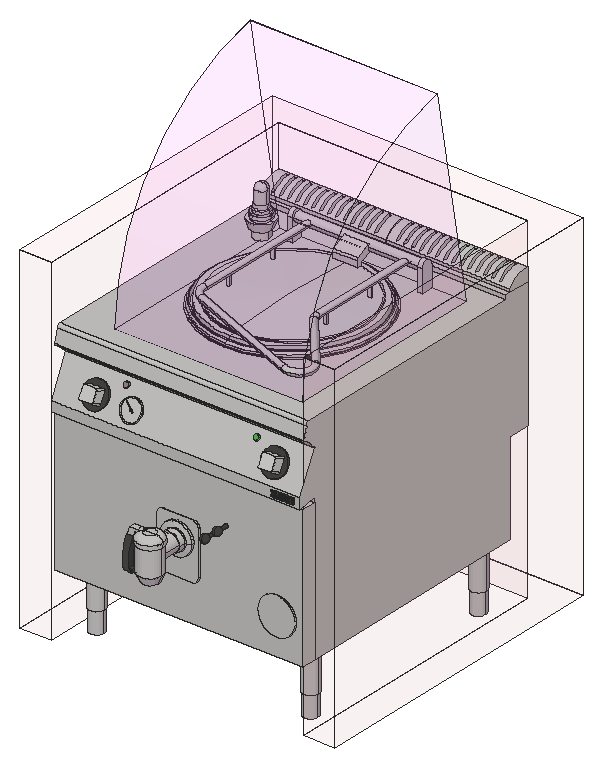
Revit family "QF_ZANUSSI_392232_Z9BSGHINF0", category Attrezzature speciali, Revit 2020
Family settings
  Quota connettore circolare = Usa diametro
  Tipo di parte = Normale
  Basato su piano di lavoro = No
  Sempre verticale = Sì
  Taglio con vuoti quando caricato = No
  Condiviso = Sì
  Punto di calcolo locali = No
Parameters (values of type "Standard")
  Weight = 253.532 lbm
  Watts = 100 W
  Volts = 230 V
  URL Manufacturer = "http://www.zanussiprofessional.com"
  URL = "http://www.zanussiprofessional.com"
  Steam Supply Size = 0"
  Steam Supply Minimum Pressure = 0.00 psi
  Steam Supply Maximum Pressure = 0.00 psi
  Steam Consumption per Hour = 0
  Show Logo [instance] = yes
  Show Clearance [instance] = yes
  Refrigeration Suction Line Size = 0 mm
  Refrigeration Liquid Line Size = 0 mm
  Refrigerant Compressor Remote = yes
  Prospetto di default = 0 mm
  Produttore = "Zanussi"
  Phase = 1
  Modello = "Z9BSGHINF0"
  Length Actual = 800 mm  # constant formula
  Item Number = "392232"
  Hot Water Size = 3/4"
  Height Actual = 850 mm  # constant formula
  HP = "0.1 HP"
  Gas Size = 1/2"
  Gas KW = 14
  Gas Input Pressure = 0.462818 Btu/h
  Direct Waste Size = 5 1/2"
  Descrizione = "60LT GAS BOILING PAN-INDIRECT HEATING"
  Depth Actual = 900 mm  # constant formula
  Cycle = 50 Hz
  Condensate Return Size = 0"
  Compressed Air Volume = 0 GPM
  Compressed Air Size = 0"
  Compressed Air Pressure = 0.00 psi
  Cold Water Size = 3/4"
  Accessory = yes
Reference planes
  plane 1 "BACK": y = 0
  plane 2: z = 0
  plane 3 "LEFT": x = 0
  plane 4 "RIGHT": x = 800
  plane 5 "FRONT": y = -900
  plane 6: z = 850
  plane 7: z = 150
  plane 8: x = -100
  plane 9: x = 900
  plane 10: y = 100
  plane 11: z = 449
  plane 12 "Top": z = 850
  plane 13: y = -450
  plane 14: x = 400
  plane 15: z = 310
  plane 16: y = -117.559
  plane 17: x = 183.51
  plane 18: x = 47
Forms (mm)
  Extrusion 1, solid, material "QF_Finishes_Clearance", visible <- "Show Clearance"
    sketch origin (0, -80, 0) x (1, 0, 0) y (0, 1, 0)
      loop
        line (-100, -834.125) -> (0, -834.125) -> (0, 80) -> (800, 80) -> (800, -820) -> (900, -820) -> (900, 180) -> (-100, 180) -> (-100, -834.125)
    from 0 to 1090.3
  Revolve 2, solid, material "QF_Finishes_Door Clearance", visible <- "Show Clearance"
    sketch origin (-19.419, 38.825, 900) x (1, 0, 0) y (0, 1, 0)
      loop
        line (147.896, -195.826) -> (147.896, -856.602) -> (749.926, -856.602) -> (749.926, -195.826) -> (147.896, -195.826)
      axis (749.926, -195.826) -> (147.896, -195.826)
    angle from 0 to -80
  Extrusion 3, solid, material "QF_Finishes_Stainless Steel"
    sketch origin (355, -2.168, -55.704) x (1, 0, 0) y (0, 0, 1)
      loop
        circle (362.513, 374.704) r 60
    from 899.69 to 902.89
  Extrusion 4, solid, material "QF_Finishes_Stainless Steel"
    sketch origin (-65, -2.168, -31) x (1, 0, 0) y (0, 0, 1)
      loop
        circle (362.513, 374.704) r 30
    from 899.69 to 902.89
  Extrusion 5, solid, material "QF_Finishes_Stainless Steel"
    sketch origin (0, 0, 50) x (0, 1, 0) y (0, 0, 1)
      loop
        line (-0.075, 449) -> (-0.075, 865) -> (-85.075, 865) -> (-85.075, 850) -> (-878.015, 850)
        arc (-878.015, 850) -> (-885.658, 846.834) -> (-888.823, 839.192) r 10.808
        line (-888.823, 839.192) -> (-900, 800.214)
        arc (-900, 800.214) -> (-899.512, 797.582) -> (-897.116, 796.387) r 3
        line (-897.116, 796.387) -> (-891.013, 796.387) -> (-855.438, 760.812) -> (-914.125, 642.637) -> (-914.125, 608.614) -> (-857.08, 616.631)
        arc (-857.08, 616.631) -> (-854.536, 615.878) -> (-853.435, 613.462) r 3.2
        line (-853.435, 613.462) -> (-853.427, 150) -> (-70.075, 150) -> (-70.075, 449) -> (-0.075, 449)
      loop
        line (-901.858, 602.071) -> (-901.858, 150) -> (-856.602, 150) -> (-856.602, 602.071) -> (-901.858, 602.071)
    from 0 to 800
  Extrusion 6, solid, material "QF_Finishes_Stainless Steel"
    sketch origin (-1055.159, 112.389, 194.383) x (1, 0, 0) y (0, 1, 0)
      loop
        circle (1102.159, -772.464) r 10
    from -9.383 to 5.617
  Extrusion 7, solid, material "QF_Finishes_Stainless Steel"
    sketch origin (-1055.159, 26.389, 194.383) x (1, 0, 0) y (0, 1, 0)
      loop
        circle (1102.159, -757.464) r 10
    from -9.383 to 5.617
  Extrusion 8, solid, material "QF_Finishes_Stainless Steel"
    sketch origin (-356.159, 118.964, 194.383) x (1, 0, 0) y (0, 1, 0)
      loop
        circle (1102.159, -772.464) r 10
    from -9.383 to 5.617
  Extrusion 9, solid, material "QF_Finishes_Stainless Steel"
    sketch origin (-373.159, 36.964, 194.383) x (1, 0, 0) y (0, 1, 0)
      loop
        circle (1102.159, -757.464) r 10
    from -9.383 to 5.617
  Extrusion 10, solid, material "QF_Finishes_Stainless Steel"
    sketch origin (-602.159, 191.254, 194.383) x (1, 0, 0) y (0, 1, 0)
      loop
        circle (1102.159, -787.464) r 20
    from -9.383 to 5.617
Dimensions and locks
  plane 1 "BACK" to plane 5 "FRONT" = 900 mm
  plane 4 "RIGHT" to plane 3 "LEFT" = 800 mm
  plane 6 to level = 850 mm
  plane 3 "LEFT" to plane 4 "RIGHT" = 800 mm
  plane 5 "FRONT" to plane 1 "BACK" = 900 mm
  plane 8 to plane 3 "LEFT" = 100 mm
  plane 4 "RIGHT" to plane 9 = 100 mm
  plane 10 to plane 1 "BACK" = 100 mm
  equal spacing: plane 3 "LEFT", plane 14, plane 4 "RIGHT"
  equal spacing: plane 5 "FRONT", plane 13, plane 1 "BACK"
  plane 15 to level = 310 mm  (x2)
  aligned and locked: level to plane 2
  aligned and locked: Extrusion 1 to plane 4 "RIGHT"
  aligned and locked: plane 3 "LEFT" to Extrusion 1
  aligned and locked: plane 8 to Extrusion 1
  aligned and locked: plane 9 to Extrusion 1
  aligned and locked: plane 10 to Extrusion 1
  aligned and locked: plane 1 "BACK" to Extrusion 1
Automatic sketch dimensions
  Extrusion 1 sketch curve to plane 8 = 0 mm
  Extrusion 1 sketch curve to plane 3 "LEFT" = 0 mm
  plane 1 "BACK" to Extrusion 1 sketch curve = 0 mm
  Extrusion 1 sketch curve to plane 4 "RIGHT" = 0 mm
  plane 5 "FRONT" to Extrusion 1 sketch curve = 0 mm
  Extrusion 1 sketch curve to plane 9 = 0 mm
  Extrusion 1 sketch curve to plane 10 = 0 mm
  plane 5 "FRONT" to Extrusion 1 sketch curve = 14.125 mm
  plane 17 to Revolve 2 sketch curve = 55.033 mm
  Revolve 2 sketch curve to plane 4 "RIGHT" = 69.493 mm
  Revolve 2 sketch curve to plane 5 "FRONT" = 82.223 mm
  plane 16 to Revolve 2 sketch curve = 39.441 mm
  plane 8 to Revolve 2 sketch curve = 40.581 mm
  Revolve 2 sketch curve to Revolve 2 sketch curve = 22.104 mm
  Revolve 2 sketch curve to Revolve 2 sketch curve = 0 mm
  plane 15 to Extrusion 3 sketch curve = 9 mm
  Extrusion 3 sketch curve to plane 4 "RIGHT" = 82.487 mm
  plane 15 to Extrusion 4 sketch curve = 33.704 mm
  Extrusion 4 sketch curve to plane 14 = 102.487 mm
  Extrusion 5 sketch curve to plane 5 "FRONT" = 0 mm
  plane 5 "FRONT" to Extrusion 5 sketch curve = 1.858 mm
  Extrusion 5 sketch curve to Extrusion 5 sketch curve = 12.267 mm
  Extrusion 5 sketch curve to plane 5 "FRONT" = 2.884 mm
  Extrusion 5 sketch curve to Extrusion 5 sketch curve = 6.103 mm
  Extrusion 5 sketch curve to plane 5 "FRONT" = 11.177 mm
  Extrusion 5 sketch curve to Extrusion 5 sketch curve = 10.808 mm
  Extrusion 5 sketch curve to plane 5 "FRONT" = 42.92 mm
  Extrusion 5 sketch curve to Extrusion 5 sketch curve = 0.445 mm
  Extrusion 5 sketch curve to Extrusion 5 sketch curve = 0.033 mm
  Extrusion 5 sketch curve to plane 5 "FRONT" = 44.562 mm
  Extrusion 5 sketch curve to Extrusion 5 sketch curve = 3.175 mm
  Extrusion 5 sketch curve to plane 16 = 32.484 mm
  Extrusion 5 sketch curve to plane 16 = 47.484 mm
  plane 1 "BACK" to Extrusion 5 sketch curve = 0.075 mm
  plane 7 to Extrusion 5 sketch curve = 50 mm
  Extrusion 5 sketch curve to Extrusion 5 sketch curve = 0 mm  (x2)
  Extrusion 5 sketch curve to plane 11 = 50 mm
  Extrusion 5 sketch curve to plane 6 = 197.929 mm
  Extrusion 5 sketch curve to Extrusion 5 sketch curve = 6.544 mm
  Extrusion 5 sketch curve to Extrusion 5 sketch curve = 11.392 mm
  Extrusion 5 sketch curve to Extrusion 5 sketch curve = 3.169 mm
  Extrusion 5 sketch curve to Extrusion 5 sketch curve = 34.022 mm
  Extrusion 5 sketch curve to plane 6 = 39.188 mm
  Extrusion 5 sketch curve to plane 6 = 3.613 mm
  Extrusion 5 sketch curve to plane 6 = 0.613 mm
  plane 6 to Extrusion 5 sketch curve = 39.192 mm
  Extrusion 5 sketch curve to Extrusion 5 sketch curve = 15 mm
  Extrusion 6 sketch curve to plane 18 = 0 mm
  Extrusion 6 sketch curve to plane 13 = 210.075 mm
  Extrusion 7 sketch curve to plane 18 = 0 mm
  Extrusion 7 sketch curve to plane 5 "FRONT" = 168.925 mm
  Extrusion 8 sketch curve to plane 4 "RIGHT" = 54 mm
  Extrusion 8 sketch curve to plane 13 = 203.5 mm
  Extrusion 9 sketch curve to plane 4 "RIGHT" = 71 mm
  Extrusion 9 sketch curve to plane 5 "FRONT" = 179.5 mm
  plane 14 to Extrusion 10 sketch curve = 100 mm
  Extrusion 10 sketch curve to plane 13 = 146.21 mm
  radius of Extrusion 3 sketch curve = 60 mm
  radius of Extrusion 4 sketch curve = 30 mm
  radius of Extrusion 6 sketch curve = 10 mm
  radius of Extrusion 7 sketch curve = 10 mm
  radius of Extrusion 8 sketch curve = 10 mm
  radius of Extrusion 9 sketch curve = 10 mm
  radius of Extrusion 10 sketch curve = 20 mm
Nested families
  nested 1: "Valvola_Sicurezza_Pressione_VERSIONE LARGA" at (115, -213.22, 900) x (0, -1, 0) z (0, 0, 1), type "Valvola_Sicurezza_Pressione_VERSIONE LARGA"
  nested 2: "CHIUSURA_EBOLLITORE_MANIGLIA_2" at (400, -446.25, 900), type "CHIUSURA_EBOLLITORE_MANIGLIA_2"
  nested 3: "Uscita_Fumi" at (200, -35, 915), type "Uscita_Fumi"
  nested 4: "Uscita_Fumi" at (600, -35, 915) x (-1, 0, 0) z (0, 0, 1), type "Uscita_Fumi"
  nested 5: "SPIA_RED" at (205, -866.159, 789.225) x (0, -0.4448, -0.8956) z (0, -0.8956, 0.4448), type "SPIA_RED"
  nested 6: "SPIA_GREEN" at (625, -867.972, 785.573) x (0, -0.4448, -0.8956) z (0, -0.8956, 0.4448), type "SPIA_GREEN"
  nested 7: "CONTROLLER_XP-ZAN" at (175.078, -889.634, 741.953) x (1, 0, 0) z (0, -0.8956, 0.4448), type "CONTROLLER_XP-ZAN"
  nested 8: "CONTROLLER_XP-ZAN" at (748.986, -887.149, 746.957) x (1, 0, 0) z (0, -0.8956, 0.4448), type "CONTROLLER_XP-ZAN"
  nested 9: "TERMOMETRO_CIRCOLARE" at (240, -891.427, 738.342) x (0, -0.4448, -0.8956) z (0, -0.8956, 0.4448), type "TERMOMETRO_CIRCOLARE"
  nested 10: "ZANUSSI_Logo" at (748.892, -914.125, 724.625) x (1, 0, 0) z (0, -1, 0), Show Logo <- "Show Logo", visible <- "Show Logo", type "ZANUSSI_Logo"
    with Show Logo yes
  nested 11: "Pomello" at (514.04, -901.858, 485.551) x (0, 0, 1) z (0, -1, 0), type "Pomello"
  nested 12: "Pomello" at (554.04, -901.858, 520.551) x (0, 0, 1) z (0, -1, 0), type "Pomello"
  nested 13: "bocchettone_scarico_SX_ebollitori" at (400, -901.858, 411.296) x (1, 0, 0) z (0, -1, 0), type "bocchettone_scarico_SX_ebollitori"
    with Body Finish QF_Finishes_Stainless Steel
  nested 14: "Piedino 50xH200_par" at (56, -801, 0), type "Piedino 50xH200_par"
    with H 200 mm
  nested 15: "Piedino 50xH200_par" at (56, -127, 0), type "Piedino 50xH200_par"
    with H 200 mm
  nested 16: "Piedino 50xH200_par" at (744, -127, 0), type "Piedino 50xH200_par"
    with H 200 mm
  nested 17: "Piedino 50xH200_par" at (744, -801, 0), type "Piedino 50xH200_par"
    with H 200 mm
Connectors
  piping at (47, -660.075, 185), diameter 19.05, driven by "Hot Water Size"
    settings: on Extrusion 6, index 11, connector inside diameter 24", connector length 0 mm, flow factor 0, pipe flow 0 GPM, pressure drop 0.00 psi, fitting loss kfactor 0, connector angle 0.00°, fixture units 0, engagement length 0 mm, angle of deflection 0.00°, flow configuration 0, flow direction 0, fitting loss method 0, system type 29, joint type 0, gender type 0, connector reference index -1, connector utility 0, adjustable connector no, is connector primary yes, connector description "Hot Water Inlet"
  piping at (47, -731.075, 185), diameter 19.05, driven by "Cold Water Size"
    settings: on Extrusion 7, index 12, connector inside diameter 24", connector length 0 mm, flow factor 0, pipe flow 0 GPM, pressure drop 0.00 psi, fitting loss kfactor 0, connector angle 0.00°, fixture units 0, engagement length 0 mm, angle of deflection 0.00°, flow configuration 0, flow direction 0, fitting loss method 0, system type 29, joint type 0, gender type 0, connector reference index -1, connector utility 0, adjustable connector no, is connector primary no, connector description "Cold Water Inlet"
  piping at (746, -653.5, 185), diameter 12.7, driven by "Gas Size"
    settings: on Extrusion 8, index 13, connector inside diameter 24", connector length 0 mm, flow factor 0, pipe flow 0 GPM, pressure drop 0.00 psi, fitting loss kfactor 0, connector angle 0.00°, fixture units 0, engagement length 0 mm, angle of deflection 0.00°, flow configuration 0, flow direction 0, fitting loss method 0, system type 29, joint type 0, gender type 0, connector reference index -1, connector utility 0, adjustable connector no, is connector primary no, connector description "Gas Connection"
  electrical at (729, -720.5, 185), driven by "Volts"
    settings: on Extrusion 9, index 14, voltage 230 V, apparent load 0 VA, apparent load phase1 0 VA, apparent load phase2 0 VA, apparent load phase3 0 VA, power factor 1, load classification "Altro", number of poles 1, system type 30, power factor state 1, is connector primary yes, connector utility no, sub classification motor no, connector description "Electrical Connection"
  piping at (500, -596.21, 185), diameter 139.7, driven by "Direct Waste Size"
    settings: on Extrusion 10, index 15, connector inside diameter 24", connector length 0 mm, flow factor 0, pipe flow 0 GPM, pressure drop 0.00 psi, fitting loss kfactor 0, connector angle 0.00°, fixture units 0, engagement length 0 mm, angle of deflection 0.00°, flow configuration 0, flow direction 0, fitting loss method 0, system type 29, joint type 0, gender type 0, connector reference index -1, connector utility 0, adjustable connector no, is connector primary no, connector description "Drain"
Definition of nested family "Valvola_Sicurezza_Pressione_VERSIONE LARGA"
  Parameters (values of type "Valvola_Sicurezza_Pressione_VERSIONE LARGA")
    Default Elevation = 1219.2 mm
  Reference planes
    plane 1 "Centro (Fronte/Retro)": y = 0
    plane 2: z = 0
    plane 3 "Centro (Sinistra/Destra)": x = 0
  Forms (mm)
    Extrusion 1, solid
      sketch origin (0, 0, 0) x (1, 0, 0) y (0, 1, 0)
        loop
          line (-1219.2, 1219.2) -> (-1219.2, -1219.2) -> (1219.2, -1219.2) -> (1219.2, 1219.2) -> (-1219.2, 1219.2)
      from 0 to -304.8
    Revolve 2, solid
      sketch origin (0, 127, -850) x (0, 1, 0) y (0, 0, 1)
        loop
          line (-127, 850) -> (-127, 1005.049)
          arc (-127, 1005.049) -> (-139.857, 999.724) -> (-145.183, 986.867) r 18.183
          line (-145.183, 986.867) -> (-145.183, 946.198) -> (-147.515, 946.198) -> (-147.515, 935.501) -> (-152, 931.015) -> (-152, 924.56) -> (-157, 924.56) -> (-157, 919.56) -> (-160.008, 919.56) -> (-160.008, 911.432) -> (-157, 911.432) -> (-157, 902.923) -> (-168.345, 902.923) -> (-160.305, 877.208) -> (-152, 875.138) -> (-152, 850) -> (-127, 850)
        axis (-127, 850) -> (-127, 1005.049)
      angle from 0 to 360
  Dimensions and locks
    aligned and locked: plane 2 to Extrusion 1
    aligned and locked: level to Extrusion 1
Definition of nested family "CHIUSURA_EBOLLITORE_MANIGLIA_2"
  Parameters (values of type "CHIUSURA_EBOLLITORE_MANIGLIA_2")
    Default Elevation = 1219.2 mm
    Diametro = 500 mm
  Reference planes
    plane 1 "Centro (Fronte/Retro)": y = 0
    plane 2: z = 0
    plane 3 "Centro (Sinistra/Destra)": x = 0
    plane 4: x = -250
    plane 5: x = 250
  Forms (mm)
    Extrusion 1, solid
      sketch origin (0, 0, 0) x (1, 0, 0) y (0, 1, 0)
        loop
          line (-1219.2, 1219.2) -> (-1219.2, -1219.2) -> (1219.2, -1219.2) -> (1219.2, 1219.2) -> (-1219.2, 1219.2)
      from 0 to -304.8
    Sweep 2, solid
      path origin (-400, 374.738, -849.313) x (1, 0, 0) y (0, 1, 0)
        loop
          line (243.743, -103.594) -> (243.743, -534.5)
          arc (243.743, -534.5) -> (252.432, -562.667) -> (275.478, -581.045) r 50
          line (275.478, -581.045) -> (663.94, -733.483)
          arc (663.94, -733.483) -> (712.787, -719.077) -> (710.882, -668.185) r 41.493
          line (710.882, -668.185) -> (563.79, -492.888)
          arc (563.79, -492.888) -> (558.199, -483.203) -> (556.257, -472.19) r 32.201
          line (556.257, -472.19) -> (556.257, -103.594)
      profile origin (-156.257, 55.691, -849.313) x (1, 0, 0) y (0, 0, 1)
        loop
          circle (0, 918.759) r 9.525
    Revolve 3, solid
      sketch origin (0, 355.988, -849.313) x (0, 1, 0) y (0, 0, 1)
        loop
          line (-355.988, 849.313) -> (-355.988, 890.021)
          arc (-355.988, 890.021) -> (-471.018, 888.03) -> (-585.757, 879.616) r 2058.307
          line (-585.757, 879.616) -> (-588.534, 876.84) -> (-588.534, 873.469) -> (-606.616, 873.469) -> (-606.616, 853.437) -> (-614.697, 853.437) -> (-614.697, 867.549) -> (-617.996, 867.549) -> (-617.996, 865.745) -> (-622.909, 857.235) -> (-622.909, 851.51) -> (-627.909, 851.51) -> (-627.909, 849.313) -> (-355.988, 849.313)
        axis (-355.988, 849.313) -> (-355.988, 890.021)
      angle from 0 to 360
    Extrusion 4, solid
      sketch origin (-400, 374.738, -849.313) x (1, 0, 0) y (0, 1, 0)
        loop
          circle (556.179, -434.634) r 5
        loop
          circle (556.239, -256.89) r 5
        loop
          circle (243.739, -256.89) r 5
        loop
          circle (243.679, -434.634) r 5
      from 873.469 to 917.509
    Extrusion 5, solid
      sketch origin (-326.071, 375.449, -856.416) x (0, 1, 0) y (0, 0, 1)
        loop
          line (-86.2, 856.416) -> (-86.2, 927.861)
          arc (-86.2, 927.861) -> (-103.594, 945.255) -> (-120.988, 927.861) r 17.394
          line (-120.988, 927.861) -> (-120.988, 856.416) -> (-86.2, 856.416)
      from 527.978 to 542.561
    Extrusion 6, solid
      sketch origin (-400, 375.449, -857.666) x (0, 1, 0) y (0, 0, 1)
        loop
          circle (-103.594, 927.13) r 15
      from 198.093 to 601.907
    Extrusion 7, solid
      sketch origin (-400, 376.074, -857.666) x (0, 1, 0) y (0, 0, 1)
        loop
          line (-161.825, 881.823) -> (-147.722, 881.823) -> (-147.722, 896.159)
          arc (-147.722, 896.159) -> (-146.818, 899.027) -> (-144.432, 900.857) r 5
          line (-144.432, 900.857) -> (-110.128, 913.343)
          arc (-110.128, 913.343) -> (-118.811, 923.657) -> (-115.705, 936.776) r 15
          line (-115.705, 936.776) -> (-157.703, 913.496)
          arc (-157.703, 913.496) -> (-160.718, 910.56) -> (-161.825, 906.499) r 8
          line (-161.825, 906.499) -> (-161.825, 881.823)
      from 361.051 to 438.949
    Extrusion 8, solid
      sketch origin (326.071, 375.449, -856.416) x (0, 1, 0) y (0, 0, -1)
        loop
          line (-86.2, -856.416) -> (-120.988, -856.416) -> (-120.988, -927.861)
          arc (-120.988, -927.861) -> (-103.594, -945.255) -> (-86.2, -927.861) r 17.394
          line (-86.2, -927.861) -> (-86.2, -856.416)
      from 527.978 to 542.561
  Dimensions and locks
    equal spacing: plane 4, plane 3 "Centro (Sinistra/Destra)", plane 5, locked at 250 each
    "Diametro": plane 4 to plane 5
    aligned and locked: plane 2 to Extrusion 1
    aligned and locked: level to Extrusion 1
  Automatic sketch dimensions
    Extrusion 1 sketch curve to Extrusion 1 sketch curve = 2438.4 mm  (x2)
    Extrusion 5 sketch curve to level = 0 mm
    Extrusion 5 sketch curve to plane 1 "Centro (Fronte/Retro)" = 254.461 mm
    Extrusion 5 sketch curve to Extrusion 5 sketch curve = 17.394 mm
    level to Extrusion 5 sketch curve = 71.445 mm
    level to Extrusion 6 sketch curve = 69.464 mm
    Extrusion 6 sketch curve to plane 1 "Centro (Fronte/Retro)" = 271.855 mm
    level to Extrusion 7 sketch curve = 48.834 mm
    Extrusion 7 sketch curve to plane 1 "Centro (Fronte/Retro)" = 214.249 mm
    level to Extrusion 7 sketch curve = 55.831 mm
    Extrusion 7 sketch curve to Extrusion 7 sketch curve = 4.122 mm
    Extrusion 7 sketch curve to Extrusion 7 sketch curve = 14.103 mm
    level to Extrusion 7 sketch curve = 43.191 mm
    Extrusion 7 sketch curve to Extrusion 7 sketch curve = 3.29 mm
    Extrusion 7 sketch curve to Extrusion 7 sketch curve = 1.71 mm
    level to Extrusion 7 sketch curve = 79.111 mm
    Extrusion 7 sketch curve to Extrusion 7 sketch curve = 28.727 mm
    level to Extrusion 7 sketch curve = 55.677 mm
    Extrusion 7 sketch curve to Extrusion 7 sketch curve = 5.577 mm
    Extrusion 7 sketch curve to Extrusion 7 sketch curve = 5.91 mm
    Extrusion 7 sketch curve to Extrusion 7 sketch curve = 14.336 mm
    Extrusion 8 sketch curve to level = 0 mm
    Extrusion 8 sketch curve to plane 1 "Centro (Fronte/Retro)" = 254.461 mm
    Extrusion 8 sketch curve to Extrusion 8 sketch curve = 17.394 mm
    Extrusion 8 sketch curve to Extrusion 8 sketch curve = 71.445 mm
    profile plane to Sweep 2 sketch curve = 0 mm
    profile plane to Sweep 2 sketch curve = 918.759 mm
    Sweep 2 sketch curve to plane 3 "Centro (Sinistra/Destra)" = 124.522 mm
    Sweep 2 sketch curve to Sweep 2 sketch curve = 18.265 mm
    plane 5 to Sweep 2 sketch curve = 93.743 mm
    Sweep 2 sketch curve to Sweep 2 sketch curve = 7.534 mm
    Sweep 2 sketch curve to Sweep 2 sketch curve = 32.201 mm
    Sweep 2 sketch curve to plane 5 = 13.94 mm
    Sweep 2 sketch curve to plane 5 = 29.097 mm
    Sweep 2 sketch curve to Sweep 2 sketch curve = 31.786 mm
    plane 1 "Centro (Fronte/Retro)" to Sweep 2 sketch curve = 358.745 mm
    Sweep 2 sketch curve to Sweep 2 sketch curve = 38.626 mm
    plane 1 "Centro (Fronte/Retro)" to Sweep 2 sketch curve = 206.307 mm
    Sweep 2 sketch curve to Sweep 2 sketch curve = 46.545 mm
    plane 1 "Centro (Fronte/Retro)" to Sweep 2 sketch curve = 118.15 mm
    Sweep 2 sketch curve to plane 1 "Centro (Fronte/Retro)" = 271.144 mm  (x2)
    Extrusion 4 sketch curve to plane 4 = 93.679 mm
    Extrusion 4 sketch curve to plane 4 = 93.739 mm
    plane 5 to Extrusion 4 sketch curve = 93.821 mm
    plane 5 to Extrusion 4 sketch curve = 93.761 mm
    plane 1 "Centro (Fronte/Retro)" to Extrusion 4 sketch curve = 59.897 mm  (x2)
    Extrusion 4 sketch curve to plane 1 "Centro (Fronte/Retro)" = 117.848 mm  (x2)
    Revolve 3 sketch curve to level = 0 mm
    Revolve 3 sketch curve to plane 1 "Centro (Fronte/Retro)" = 0 mm  (x2)
    plane 1 "Centro (Fronte/Retro)" to Revolve 3 sketch curve = 21.921 mm
    level to Revolve 3 sketch curve = 30.304 mm
    plane 1 "Centro (Fronte/Retro)" to Revolve 3 sketch curve = 229.77 mm
    Revolve 3 sketch curve to Revolve 3 sketch curve = 2.777 mm
    Revolve 3 sketch curve to Revolve 3 sketch curve = 18.082 mm
    Revolve 3 sketch curve to Revolve 3 sketch curve = 8.082 mm
    Revolve 3 sketch curve to Revolve 3 sketch curve = 3.299 mm
    level to Revolve 3 sketch curve = 2.198 mm
    Revolve 3 sketch curve to Revolve 3 sketch curve = 8.212 mm
    Revolve 3 sketch curve to Revolve 3 sketch curve = 5 mm
    Revolve 3 sketch curve to level = 2017.482 mm
    level to Revolve 3 sketch curve = 4.125 mm
    Revolve 3 sketch curve to Revolve 3 sketch curve = 5.725 mm
    Revolve 3 sketch curve to Revolve 3 sketch curve = 8.509 mm
    Revolve 3 sketch curve to Revolve 3 sketch curve = 1.804 mm
    Revolve 3 sketch curve to Revolve 3 sketch curve = 5.921 mm
    Revolve 3 sketch curve to Revolve 3 sketch curve = 3.37 mm
    Revolve 3 sketch curve to Revolve 3 sketch curve = 0.117 mm
    Revolve 3 sketch curve to Revolve 3 sketch curve = 50 mm
    radius of Extrusion 6 sketch curve = 15 mm
    radius of Sweep 2 sketch curve = 9.525 mm
    radius of Extrusion 4 sketch curve = 5 mm  (x4)
Definition of nested family "Uscita_Fumi"
  Parameters (values of type "Uscita_Fumi")
    Default Elevation = 1219.2 mm
  Reference planes
    plane 1 "Centro (Fronte/Retro)": y = 0
    plane 2: z = 0
    plane 3 "Centro (Sinistra/Destra)": x = 0
  Forms (mm)
    Extrusion 1, solid
      sketch origin (0, 0, 0) x (1, 0, 0) y (0, 1, 0)
        loop
          line (-1219.2, 1219.2) -> (-1219.2, -1219.2) -> (1219.2, -1219.2) -> (1219.2, 1219.2) -> (-1219.2, 1219.2)
      from 0 to -304.8
    Extrusion 2, solid
      sketch origin (-200, 34.925, -289.638) x (0, 1, 0) y (0, 0, 1)
        loop
          line (0, 289.638) -> (0, 331.738)
          arc (0, 331.738) -> (-38.857, 324.552) -> (-69.85, 300.038) r 82.056
          line (-69.85, 300.038) -> (-69.85, 289.638) -> (0, 289.638)
      from 0 to 400
    Extrusion 3, void
      sketch origin (-200, 34.925, -15) x (0, -1, 0) y (1, 0, 0)
        loop
          line (6.761, 29.703) -> (63.911, 29.703) -> (63.911, 38.999) -> (6.761, 38.999) -> (6.761, 29.703)
        loop
          line (63.911, 64.487) -> (6.761, 64.487) -> (6.761, 55.191) -> (63.911, 55.191) -> (63.911, 64.487)
        loop
          line (63.911, 89.975) -> (6.761, 89.975) -> (6.761, 80.68) -> (63.911, 80.68) -> (63.911, 89.975)
        loop
          line (63.911, 115.464) -> (6.761, 115.464) -> (6.761, 106.168) -> (63.911, 106.168) -> (63.911, 115.464)
        loop
          line (63.911, 140.952) -> (6.761, 140.952) -> (6.761, 131.656) -> (63.911, 131.656) -> (63.911, 140.952)
        loop
          line (63.911, 166.44) -> (6.761, 166.44) -> (6.761, 157.145) -> (63.911, 157.145) -> (63.911, 166.44)
        loop
          line (63.911, 191.929) -> (6.761, 191.929) -> (6.761, 182.633) -> (63.911, 182.633) -> (63.911, 191.929)
        loop
          line (63.911, 217.417) -> (6.761, 217.417) -> (6.761, 208.121) -> (63.911, 208.121) -> (63.911, 217.417)
        loop
          line (63.911, 242.905) -> (6.761, 242.905) -> (6.761, 233.61) -> (63.911, 233.61) -> (63.911, 242.905)
        loop
          line (63.911, 268.394) -> (6.761, 268.394) -> (6.761, 259.098) -> (63.911, 259.098) -> (63.911, 268.394)
        loop
          line (63.911, 293.882) -> (6.761, 293.882) -> (6.761, 284.586) -> (63.911, 284.586) -> (63.911, 293.882)
        loop
          line (63.911, 319.37) -> (6.761, 319.37) -> (6.761, 310.075) -> (63.911, 310.075) -> (63.911, 319.37)
        loop
          line (63.911, 344.859) -> (6.761, 344.859) -> (6.761, 335.563) -> (63.911, 335.563) -> (63.911, 344.859)
        loop
          line (63.911, 370.347) -> (6.761, 370.347) -> (6.761, 361.051) -> (63.911, 361.051) -> (63.911, 370.347)
      from 25.4 to 63.5
  Cuts and joins
    Extrusion 3 cuts Extrusion 2
  Dimensions and locks
    aligned and locked: plane 2 to Extrusion 1
    aligned and locked: level to Extrusion 1
Definition of nested family "SPIA_RED"
  Parameters
    Default Elevation = 1219.2 mm
  Reference planes
    plane 1 "Centro (Fronte/Retro)": y = 0
    plane 2: z = 0
    plane 3 "Centro (Sinistra/Destra)": x = 0
  Forms (mm)
    Extrusion 1, solid
      sketch origin (0, 0, 0) x (1, 0, 0) y (0, 1, 0)
        loop
          line (-1219.2, 1219.2) -> (-1219.2, -1219.2) -> (1219.2, -1219.2) -> (1219.2, 1219.2) -> (-1219.2, 1219.2)
      from 0 to -304.8
    Extrusion 2, solid
      sketch origin (-367.513, 69.533, 3.175) x (-1, 0, 0) y (0, 1, 0)
        loop
          circle (-367.513, -69.533) r 8
      from 0 to 3.175
  Dimensions and locks
    aligned and locked: plane 2 to Extrusion 1
    aligned and locked: level to Extrusion 1
Definition of nested family "SPIA_GREEN"
  Parameters
    Default Elevation = 1219.2 mm
  Reference planes
    plane 1 "Centro (Fronte/Retro)": y = 0
    plane 2: z = 0
    plane 3 "Centro (Sinistra/Destra)": x = 0
  Forms (mm)
    Extrusion 1, solid
      sketch origin (0, 0, 0) x (1, 0, 0) y (0, 1, 0)
        loop
          line (-1219.2, 1219.2) -> (-1219.2, -1219.2) -> (1219.2, -1219.2) -> (1219.2, 1219.2) -> (-1219.2, 1219.2)
      from 0 to -304.8
    Extrusion 2, solid
      sketch origin (-367.513, 69.533, 3.175) x (-1, 0, 0) y (0, 1, 0)
        loop
          circle (-367.513, -69.533) r 8
      from 0 to 3.175
  Dimensions and locks
    aligned and locked: plane 2 to Extrusion 1
    aligned and locked: level to Extrusion 1
Definition of nested family "CONTROLLER_XP-ZAN"
  Parameters (values of type "CONTROLLER_XP-ZAN")
    Default Elevation = 0 mm
  Reference planes
    plane 1 "Centro (Fronte/Retro)": y = 0
    plane 2: z = 0
    plane 3 "Centro (Sinistra/Destra)": x = 0
    plane 4: x = -51.067
    plane 5: x = 51.067
    plane 6: x = 93.481
    plane 7: x = -93.481
  Forms (mm)
    Extrusion 1, solid
      sketch origin (0, 0, 0) x (1, 0, 0) y (0, 1, 0)
        loop
          line (-1219.2, 1219.2) -> (-1219.2, -1219.2) -> (1219.2, -1219.2) -> (1219.2, 1219.2) -> (-1219.2, 1219.2)
      from 0 to -304.8
    Extrusion 2, solid
      sketch origin (-46.381, -48.923, 0) x (1, 0, 0) y (0, 1, 0)
        loop
          circle (-4.687, 48.923) r 42.414
      from 0 to 3.175
    Blend 3, solid
      base sketch origin (-46.381, -48.923, 3.175) x (1, 0, 0) y (0, 1, 0)
        loop
          line (-23.687, 25.923) -> (14.313, 25.923)
          arc (14.313, 25.923) -> (17.142, 27.095) -> (18.313, 29.923) r 4
          line (18.313, 29.923) -> (18.313, 66.519)
          arc (18.313, 66.519) -> (17.342, 69.132) -> (14.901, 70.476) r 4
          arc (14.901, 70.476) -> (-4.687, 71.923) -> (-24.275, 70.476) r 133.25
          arc (-24.275, 70.476) -> (-26.716, 69.132) -> (-27.687, 66.519) r 4
          line (-27.687, 66.519) -> (-27.687, 29.923)
          arc (-27.687, 29.923) -> (-26.515, 27.095) -> (-23.687, 25.923) r 4
      top sketch origin (-46.381, -48.923, 3.175) x (1, 0, 0) y (0, 1, 0)
        loop
          line (-25.687, 66.519) -> (-25.687, 29.923)
          arc (-25.687, 29.923) -> (-25.101, 28.509) -> (-23.687, 27.923) r 2
          line (-23.687, 27.923) -> (14.313, 27.923)
          arc (14.313, 27.923) -> (15.727, 28.509) -> (16.313, 29.923) r 2
          line (16.313, 29.923) -> (16.313, 66.519)
          arc (16.313, 66.519) -> (15.828, 67.825) -> (14.607, 68.498) r 2
          arc (14.607, 68.498) -> (-4.687, 69.923) -> (-23.981, 68.498) r 131.25
          arc (-23.981, 68.498) -> (-25.201, 67.825) -> (-25.687, 66.519) r 2
      from 0 to 33
  Lines and regions (mm)
    Split face 1
      outline origin (-46.381, -48.923, 36.175) x (1, 0, 0) y (0, 1, 0)
        loop
          line (-6.687, 69.908) -> (-6.687, 62.923) -> (-2.687, 62.923) -> (-2.687, 69.908)
  Dimensions and locks
    aligned and locked: plane 2 to Extrusion 1
    aligned and locked: level to Extrusion 1
Definition of nested family "TERMOMETRO_CIRCOLARE"
  Parameters
    Default Elevation = 1219.2 mm
  Reference planes
    plane 1 "Centro (Fronte/Retro)": y = 0
    plane 2: z = 0
    plane 3 "Centro (Sinistra/Destra)": x = 0
  Forms (mm)
    Extrusion 1, solid
      sketch origin (0, 0, 0) x (1, 0, 0) y (0, 1, 0)
        loop
          line (-1219.2, 1219.2) -> (-1219.2, -1219.2) -> (1219.2, -1219.2) -> (1219.2, 1219.2) -> (-1219.2, 1219.2)
      from 0 to -304.8
    Extrusion 2, solid
      sketch origin (-217.932, 73.785, 0.006) x (0, -1, -0.000082) y (1, 0, 0)
        loop
          circle (73.793, 217.932) r 35
      from 0 to 3.2
    Extrusion 3, void
      sketch origin (-217.932, 73.784, 3.206) x (0, -1, -0.000082) y (1, 0, 0)
        loop
          circle (73.793, 217.932) r 33
      from 0 to -1.6
    Extrusion 4, solid
      sketch origin (0, 0, 0) x (1, 0, 0) y (0, 1, 0)
        loop
          arc (-0.549, -2.293) -> (1.747, -1.581) -> (2.216, 0.777) r 2.35
          line (2.216, 0.777) -> (6.22, 5.225) -> (4.666, 6.779) -> (0.602, 2.264)
          arc (0.602, 2.264) -> (-1.747, 1.565) -> (-2.197, -0.844) r 2.35
          line (-2.197, -0.844) -> (-18.808, -20.219)
          arc (-18.808, -20.219) -> (-18.779, -20.694) -> (-18.304, -20.679) r 0.341
          line (-18.304, -20.679) -> (-0.549, -2.293)
      from 1.599 to 2.364
  Cuts and joins
    Extrusion 3 cuts Extrusion 2
  Dimensions and locks
    aligned and locked: plane 2 to Extrusion 1
    aligned and locked: level to Extrusion 1
Definition of nested family "ZANUSSI_Logo"
  Parameters (values of type "ZANUSSI_Logo")
    Show Logo [instance] = yes
    Default Elevation = 1219.2 mm
  Reference planes
    plane 1 "Center (Front/Back)": y = -49
    plane 2: z = 0
    plane 3 "Center (Left/Right)": x = -9.92
  Forms (mm)
    Extrusion 1, solid
      sketch origin (0, 0, 0) x (1, 0, 0) y (0, 1, 0)
        loop
          line (-1219.2, 1219.2) -> (-1219.2, -1219.2) -> (1219.2, -1219.2) -> (1219.2, 1219.2) -> (-1219.2, 1219.2)
      from 0 to -304.8
    Extrusion 2, solid, visible <- "Show Logo"
      sketch origin (106.353, -215.165, -50) x (1, 0, 0) y (0, 1, 0)
        loop
          line (-137.419, 156.48) -> (-137.419, 160.444) -> (-143.365, 160.444) -> (-137.419, 172.566) -> (-137.419, 175.851) -> (-147.274, 175.851) -> (-147.274, 172.226) -> (-142.063, 172.339) -> (-147.728, 160.444) -> (-147.728, 156.48) -> (-137.419, 156.48)
        loop
          line (-131.729, 163.73) -> (-129.463, 163.73) -> (-130.596, 172.54) -> (-131.729, 163.73)
        loop
          line (-132.748, 156.48) -> (-132.182, 160.218) -> (-128.897, 160.218) -> (-128.33, 156.48) -> (-124.252, 156.48) -> (-127.877, 175.851) -> (-133.315, 175.851) -> (-136.826, 156.48) -> (-132.748, 156.48)
        loop
          line (-123.75, 175.851) -> (-123.75, 156.48) -> (-120.238, 156.48) -> (-120.238, 169.281) -> (-116.953, 156.48) -> (-112.648, 156.48) -> (-112.648, 175.851) -> (-116.273, 175.851) -> (-116.273, 163.503) -> (-119.558, 175.851) -> (-123.75, 175.851)
        loop
          arc (-111.742, 161.27) -> (-106.896, 156.448) -> (-101.433, 160.558) r 5.22
          line (-101.433, 160.558) -> (-101.433, 175.851) -> (-105.398, 175.851) -> (-105.398, 161.464)
          arc (-105.398, 161.464) -> (-106.44, 160.263) -> (-107.777, 161.124) r 1.214
          line (-107.777, 161.124) -> (-107.777, 175.851) -> (-111.742, 175.851) -> (-111.742, 161.27)
        loop
          line (-94.069, 169.734) -> (-90.331, 169.734) -> (-90.269, 171.495)
          arc (-90.269, 171.495) -> (-90.53, 173.458) -> (-91.761, 175.009) r 3.719
          arc (-91.761, 175.009) -> (-95.38, 176.189) -> (-98.998, 175.009) r 6.139
          arc (-98.998, 175.009) -> (-100.474, 172.145) -> (-100.291, 168.927) r 6.125
          arc (-100.291, 168.927) -> (-99.079, 167.149) -> (-97.591, 165.594) r 13.068
          line (-97.591, 165.594) -> (-95.921, 164.113)
          arc (-95.921, 164.113) -> (-94.934, 163.275) -> (-94.167, 162.233) r 5.571
          arc (-94.167, 162.233) -> (-94.357, 160.41) -> (-96.143, 160.003) r 1.573
          arc (-96.143, 160.003) -> (-96.681, 160.547) -> (-96.911, 161.277) r 1.631
          arc (-96.911, 161.277) -> (-96.929, 161.791) -> (-96.911, 162.305) r 7.441
          arc (-96.911, 162.305) -> (-96.895, 162.791) -> (-96.911, 163.277) r 7.03
          line (-96.911, 163.277) -> (-100.866, 163.277)
          arc (-100.866, 163.277) -> (-100.828, 160.504) -> (-99.735, 157.955) r 7.131
          arc (-99.735, 157.955) -> (-94.571, 156.484) -> (-90.221, 159.633) r 6.148
          arc (-90.221, 159.633) -> (-90.141, 162.884) -> (-91.536, 165.823) r 7.021
          line (-91.536, 165.823) -> (-95.882, 169.734)
          arc (-95.882, 169.734) -> (-96.47, 170.472) -> (-96.785, 171.362) r 2.858
          arc (-96.785, 171.362) -> (-95.666, 172.959) -> (-94.069, 171.84) r 1.379
          line (-94.069, 171.84) -> (-94.069, 169.734)
        loop
          line (-82.771, 169.734) -> (-79.033, 169.734) -> (-78.971, 171.495)
          arc (-78.971, 171.495) -> (-79.232, 173.458) -> (-80.463, 175.009) r 3.719
          arc (-80.463, 175.009) -> (-84.081, 176.189) -> (-87.7, 175.009) r 6.139
          arc (-87.7, 175.009) -> (-89.175, 172.145) -> (-88.993, 168.927) r 6.125
          arc (-88.993, 168.927) -> (-87.781, 167.149) -> (-86.293, 165.594) r 13.068
          line (-86.293, 165.594) -> (-84.623, 164.113)
          arc (-84.623, 164.113) -> (-83.636, 163.275) -> (-82.869, 162.233) r 5.571
          arc (-82.869, 162.233) -> (-83.059, 160.41) -> (-84.845, 160.003) r 1.573
          arc (-84.845, 160.003) -> (-85.383, 160.547) -> (-85.613, 161.277) r 1.631
          arc (-85.613, 161.277) -> (-85.631, 161.791) -> (-85.613, 162.305) r 7.441
          arc (-85.613, 162.305) -> (-85.596, 162.791) -> (-85.613, 163.277) r 7.03
          line (-85.613, 163.277) -> (-89.568, 163.277)
          arc (-89.568, 163.277) -> (-89.53, 160.504) -> (-88.437, 157.955) r 7.131
          arc (-88.437, 157.955) -> (-83.272, 156.484) -> (-78.922, 159.633) r 6.148
          arc (-78.922, 159.633) -> (-78.843, 162.884) -> (-80.238, 165.823) r 7.021
          line (-80.238, 165.823) -> (-84.584, 169.734)
          arc (-84.584, 169.734) -> (-85.171, 170.472) -> (-85.486, 171.362) r 2.858
          arc (-85.486, 171.362) -> (-84.368, 172.959) -> (-82.771, 171.84) r 1.379
          line (-82.771, 171.84) -> (-82.771, 169.734)
        loop
          line (-78.21, 175.851) -> (-78.21, 156.48) -> (-74.245, 156.48) -> (-74.245, 175.851) -> (-78.21, 175.851)
      from 50 to 51.6
  Dimensions and locks
    aligned and locked: plane 2 to Extrusion 1
    aligned and locked: level to Extrusion 1
Definition of nested family "Pomello"
  Parameters (values of type "Pomello")
    Default Elevation = 1219.2 mm
  Reference planes
    plane 1 "Centro (Fronte/Retro)": y = 0
    plane 2: z = 0
    plane 3 "Centro (Sinistra/Destra)": x = 0
  Forms (mm)
    Extrusion 1, solid
      sketch origin (0, 0, 0) x (1, 0, 0) y (0, 1, 0)
        loop
          line (-1219.2, 1219.2) -> (-1219.2, -1219.2) -> (1219.2, -1219.2) -> (1219.2, 1219.2) -> (-1219.2, 1219.2)
      from 0 to -304.8
    Revolve 2, solid
      sketch origin (0, 0, 0) x (1, 0, 0) y (0, 0, 1)
        loop
          arc (0, 49.376) -> (-11.749, 39.816) -> (-4.779, 26.368) r 12
          line (-4.779, 26.368) -> (-4.779, 0) -> (0, 0) -> (0, 49.376)
        axis (0, 49.376) -> (0, 0)
      angle from 0 to 360
  Dimensions and locks
    aligned and locked: plane 2 to Extrusion 1
    aligned and locked: level to Extrusion 1
Definition of nested family "bocchettone_scarico_SX_ebollitori"
  Parameters
    Default Elevation = 1219.2 mm
    Body Finish [instance] = none
  Reference planes
    plane 1 "Centro (Fronte/Retro)": y = 0
    plane 2: z = 0
    plane 3 "Centro (Sinistra/Destra)": x = 0
  Forms (mm)
    Extrusion 1, solid
      sketch origin (0, 0, 0) x (1, 0, 0) y (0, 1, 0)
        loop
          line (-1219.2, 1219.2) -> (-1219.2, -1219.2) -> (1219.2, -1219.2) -> (1219.2, 1219.2) -> (-1219.2, 1219.2)
      from 0 to -304.8
    Extrusion 2, solid
      sketch origin (-400, 240.774, 0) x (0, 1, 0) y (-1, 0, 0)
        loop
          arc (-150.774, -353.125) -> (-156.632, -338.983) -> (-170.774, -333.125) r 20
          line (-170.774, -333.125) -> (-310.774, -333.125)
          arc (-310.774, -333.125) -> (-324.916, -338.983) -> (-330.774, -353.125) r 20
          line (-330.774, -353.125) -> (-330.774, -446.875)
          arc (-330.774, -446.875) -> (-324.916, -461.017) -> (-310.774, -466.875) r 20
          line (-310.774, -466.875) -> (-170.774, -466.875)
          arc (-170.774, -466.875) -> (-156.632, -461.017) -> (-150.774, -446.875) r 20
          line (-150.774, -446.875) -> (-150.774, -353.125)
      from 0 to 3.2
    Revolve 3, solid, material <- "Body Finish"
      sketch origin (-350, 21.922, -772.589) x (1, 0, 0) y (0, 0, -1)
        loop
          line (350, -775.828) -> (350, -864.845) -> (377.31, -864.845) -> (377.31, -807.326) -> (381.52, -807.326) -> (381.52, -788.802) -> (383.56, -788.802) -> (383.56, -785.903) -> (400.479, -782.307) -> (400.479, -775.828) -> (350, -775.828)
        axis (350, -864.845) -> (350, -775.828)
      angle from 0 to 360
    Revolve 4, solid, material <- "Body Finish"
      sketch origin (-350, -526.747, 115) x (1, 0, 0) y (0, 1, 0)
        loop
          line (387.487, 584.414) -> (391.109, 584.414) -> (391.109, 596.458)
          arc (391.109, 596.458) -> (383.595, 608.72) -> (370.039, 613.521) r 21.541
          line (370.039, 613.521) -> (350, 613.521) -> (350, 475.451) -> (376.476, 475.451) -> (387.487, 500.451) -> (387.487, 584.414)
        axis (350, 475.451) -> (350, 613.521)
      angle from 0 to 360
    Extrusion 5, solid, material <- "Body Finish"
      sketch origin (-350, -775.155, 38.523) x (1, 0, 0) y (0, 1, 0)
        loop
          line (334.337, 862.322) -> (293.259, 862.322)
          arc (293.259, 862.322) -> (288.909, 852.087) -> (286.124, 841.32) r 74.823
          line (286.124, 841.32) -> (313.163, 841.32)
          arc (313.163, 841.32) -> (321.492, 854.097) -> (334.337, 862.322) r 36.276
      from 65.839 to 87.452
    Extrusion 6, solid
      sketch origin (-317.505, -797.905, 38.523) x (0.996195, 0.087156, 0) y (-0.087156, 0.996195, 0)
        loop
          line (310.083, 729.392) -> (326.95, 725.56)
          arc (326.95, 725.56) -> (330.708, 728.657) -> (328.286, 732.881) r 3.774
          arc (328.286, 732.881) -> (324.091, 735.364) -> (321.08, 739.199) r 13.226
          arc (321.08, 739.199) -> (329.921, 798.627) -> (355.034, 853.209) r 212.616
          line (355.034, 853.209) -> (332.761, 855.158)
          arc (332.761, 855.158) -> (308.651, 800.836) -> (302.633, 741.71) r 188.693
          arc (302.633, 741.71) -> (303.742, 733.968) -> (310.083, 729.392) r 10
      from 68.541 to 84.413
  Dimensions and locks
    Extrusion 5 sketch curve to Extrusion 5 sketch curve to Revolve 4 = 21.002 mm locked, 117.461 mm locked
    Extrusion 6 sketch curve to Extrusion 6 sketch curve to Extrusion 6 sketch curve to Extrusion 6 sketch curve to Extrusion 6 sketch curve to Extrusion 6 sketch curve = 2.347 mm locked, 5.062 mm locked, 5.666 mm locked, 0.894 mm locked, 115.642 mm locked
    aligned and locked: plane 2 to Extrusion 1
    aligned and locked: level to Extrusion 1
Definition of nested family "Piedino 50xH200_par"
  Parameters (values of type "Piedino 50xH200_par")
    Default Elevation = 0 mm
    H [instance] = 200 mm
  Reference planes
    plane 1 "Centro (Fronte/Retro)": y = 0
    plane 2: z = 0
    plane 3 "Centro (Sinistra/Destra)": x = 0
  Forms (mm)
    Revolve 1, solid
      sketch origin (55, 0, 0) x (-1, 0, 0) y (0, 0, -1)
        loop
          line (55, 0) -> (32.1, 0) -> (32.1, -69.05) -> (29.6, -69.05) -> (29.6, -200) -> (55, -200) -> (55, 0)
        axis (55, 0) -> (55, -200)
      angle from 0 to 360
  Dimensions and locks
    "H": Revolve 1 to plane 2
    aligned and locked: level to plane 2
  Automatic sketch dimensions
    Revolve 1 sketch curve to level = 0 mm
    Revolve 1 sketch curve to plane 3 "Centro (Sinistra/Destra)" = 0 mm  (x2)
    plane 3 "Centro (Sinistra/Destra)" to Revolve 1 sketch curve = 22.9 mm
    Revolve 1 sketch curve to Revolve 1 sketch curve = 2.5 mm
    level to Revolve 1 sketch curve = 69.05 mm
    Revolve 1 sketch curve to Revolve 1 sketch curve = 130.95 mm
    Revolve 1 sketch curve to Revolve 1 sketch curve = 0 mm
    Revolve 1 sketch curve to Revolve 1 sketch curve = 20 mm
